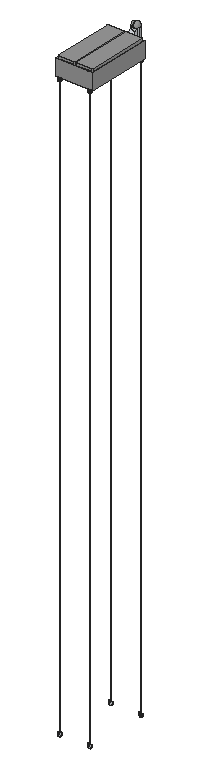
Revit family "62159", category Lighting Fixtures, host Face, Revit 2018
Family settings
  Host = Face
  Round Connector Dimension = Use Diameter
  Part Type = Normal
  OmniClass Number = 23.80.70.00
  OmniClass Title = Lighting
  Cut with Voids When Loaded = No
  Light Source = Yes
  Shared = No
  Room Calculation Point = No
Parameters (values of type "0062159 KUBIXX 4000K 9KLM WIDE SSA N")
  Weight = "n/a"
  Wattage Comments = ""
  Wattage = 9.2903 W
  WarrantyStartDate [instance] = "n/a"
  WarrantyGuarantorParts = "n/a"
  WarrantyDurationUnit = "n/a"
  WarrantyDurationParts = ""
  WarrantyDescription = "http://www.sylvania-lighting.com"
  built-in parameter 1150110 = 1 (stored number, unit not read)
  Voltage = 0 V
  URL = "0"
  TypeName = "KubiXx 4000K 9KLM WIDE SSA N"
  Type Image = <None>
  Type Comments = "n/a"
  built-in parameter 1114217 = 1 (stored number, unit not read)
  Total Length = 411.857 mm
  Tilt Angle = -90.00°
  built-in parameter 1150109 = 1 (stored number, unit not read)
  built-in parameter 1150134 = 3
  Suspension height = 3000 mm
  built-in parameter 1150113 = 1 (stored number, unit not read)
  SerialNumber [instance] = "n/a"
  Photometric Web File = "0062159.IES"
  Material_3_SYL = none
  PowerFactor = 0
  PowerConsumption = "Lighting"
  NominalLength = 190 mm
  NominalHeight = 94 mm
  NominalDepth = 330 mm
  Name = "KubiXx 4000K 9KLM WIDE SSA N"
  ModelReference = Name  # "KubiXx 4000K 9KLM WIDE SSA N"
  ModelNumber = "0062159"
  Model = Name  # "KubiXx 4000K 9KLM WIDE SSA N"
  Material = "Feilo Sylvania"
  ManufacturerName = "172 lm/W"
  Manufacturer = ""
  LuminousEfficacy = ""
  built-in parameter 1150105 = 109.82 (stored number, unit not read)
  Lumens = 1380 lm
  LuminaireType = "0"
  built-in parameter 1150115 = 1 (stored number, unit not read)
  LightOutputRatio = "LED"
  built-in parameter 1150137 = (empty or 0)
  built-in parameter 1150139 = (empty or 0)
  LampsType = Lamp  # "n/a"
  LampNominalLuminous = "4000 K"
  LampMacAdamStep = "80"
  LampColourTemperature = "LED"
  LampColourRenderingIndex = "16500"
  built-in parameter 1150112 = 1 (stored number, unit not read)
  built-in parameter 1150114 = 1 (stored number, unit not read)
  Lamp = "n/a"
  Keynote = "n/a"
  InstallationDate [instance] = "n/a"
  InputVoltage = "0"
  InputNominalFrequency = "4000"
  built-in parameter 1150132 = (empty or 0)
  built-in parameter 1150102 = (empty or 0)
  built-in parameter 1150107 = 3200 (stored number, unit not read)
  built-in parameter 1150138 = (empty or 0)
  IngressProtection = "IfcLightFixtureType"
  ImpactProtectionIndex = "IfcLightFixtureType"
  built-in parameter 1150106 = 1.0982 (stored number, unit not read)
  IfcExportType = "IfcLightFixtureType"
  IfcExportAs = "Class I"
  Emit from Circle Diameter = 609.6 mm
  Emit Shape Visible in Rendering = no
  ElectricShockClassification = "172"
  built-in parameter 1150104 = 13.8 (stored number, unit not read)
  DocumentationLiterature = "http://www.sylvania-lighting.com/product/en-int/products/0062159"
  DimmingControlOptions = "n/a"
  Material_2_SYL = none
  Dimming Lamp Color Temperature Shift = <None>
  Description = "Logistics and Industry high bay luminaire with wide optics to provide homogenous light distribution for open space areas. 48300lumens, 54W, 173lm/W, 4000K, CRI80, wide beam optic, SylSmart SSA dimmable, 3 step MacAdam ellipse, grey finish (RAL7012), Class 1, 220-240V, IP65, IK06."
  Default Elevation = 1219.2 mm
  CreatedOn = "07/11/2023"
  CreatedBy = "@sylvania-lighting.com"
  Cost = 0
  Color Filter = 16777215
  built-in parameter 1114216 [instance] = (empty or 0)
  ClassificationValue = "EF_70_80"
  ClassificationName = "Uniclass2015"
  Material_1_SYL = none
  BarCode [instance] = "n/a"
  built-in parameter 1114218 = 1 (stored number, unit not read)
  built-in parameter 1150133 = 10 (stored number, unit not read)
  AssetType = "Fixed"
  AssetIdentifier [instance] = "n/a"
  Assembly Code = "D5020200"
  Apparent Load = 54 VA
  Material_4_SYL = none
Reference planes
  plane 1 "Center (Front/Back)": y = 0
  plane 2: z = 0
  plane 3 "Center (Left/Right)": x = 0
  plane 4: x = -95
  plane 5: x = 95
  plane 6: y = 165
  plane 7: y = -165
  plane 8: z = 94
  plane 9: y = 160
  plane 10: y = -160
  plane 11: x = -93.6
  plane 12: x = -89.2
  plane 13: x = -2.2
  plane 14: x = 2.2
  plane 15: x = 89.2
  plane 16: x = 93.6
  plane 17: x = 77.2
  plane 18: x = -77.2
  plane 19: x = -87.2
  plane 20: x = -67.2
  plane 21: z = -18
  plane 22: y = 162
  plane 23: z = -8
  plane 24: y = -162
  plane 25: z = 3083
  plane 26: z = 3094
  plane 27: y = 163.5
  plane 28: z = 3000
  plane 29: z = 2982
  plane 30: y = -275
  plane 31: z = 3051.416
  plane 32: z = 3086.416
  plane 33: z = 3075.416
  plane 34: y = -213
  plane 35: y = -255
  plane 36: z = 3081.416
  plane 37: x = 0
  plane 38: x = -20.5
  plane 39: x = 20.5
  plane 40: z = 3071
  plane 41: y = -259
  plane 42: y = -243
  plane 43: y = -200
  plane 44: y = 246.857
Forms (mm)
  Extrusion 1, solid, material "Aluminum", detail levels medium+fine
    sketch origin (0, 0, 0) x (1, 0, 0) y (0, 1, 0)
      loop
        line (-95, 165) -> (-95, -165) -> (95, -165) -> (95, 165) -> (-95, 165)
    from 3000 to 3083
  Extrusion 2, solid, material "Acetal Resin, White", detail levels medium+fine
    sketch origin (91.4, 0, 0) x (1, 0, 0) y (0, 1, 0)
      loop
        arc (-175.6, 160) -> (-179.136, 158.536) -> (-180.6, 155) r 5
        line (-180.6, 155) -> (-180.6, -155)
        arc (-180.6, -155) -> (-179.136, -158.536) -> (-175.6, -160) r 5
        line (-175.6, -160) -> (-98.6, -160)
        arc (-98.6, -160) -> (-95.064, -158.536) -> (-93.6, -155) r 5
        line (-93.6, -155) -> (-93.6, 155)
        arc (-93.6, 155) -> (-95.064, 158.536) -> (-98.6, 160) r 5
        line (-98.6, 160) -> (-175.6, 160)
    from 3083 to 3094
  Extrusion 3, solid, material "Acetal Resin, White", detail levels medium+fine
    sketch origin (182.8, 0, 0) x (1, 0, 0) y (0, 1, 0)
      loop
        arc (-175.6, 160) -> (-179.136, 158.536) -> (-180.6, 155) r 5
        line (-180.6, 155) -> (-180.6, -155)
        arc (-180.6, -155) -> (-179.136, -158.536) -> (-175.6, -160) r 5
        line (-175.6, -160) -> (-98.6, -160)
        arc (-98.6, -160) -> (-95.064, -158.536) -> (-93.6, -155) r 5
        line (-93.6, -155) -> (-93.6, 155)
        arc (-93.6, 155) -> (-95.064, 158.536) -> (-98.6, 160) r 5
        line (-98.6, 160) -> (-175.6, 160)
    from 3083 to 3094
  Extrusion 4, solid
    sketch origin (0, 0, 0) x (1, 0, 0) y (0, 0, 1)
      loop
        line (-87.2, 0) -> (-87.2, -8)
        arc (-87.2, -8) -> (-84.271, -15.071) -> (-77.2, -18) r 10
        arc (-77.2, -18) -> (-70.129, -15.071) -> (-67.2, -8) r 10
        line (-67.2, -8) -> (-67.2, 0) -> (-87.2, 0)
    from -165 to -162
  Extrusion 5, void
    sketch origin (0, 0, 0) x (1, 0, 0) y (0, 0, 1)
      loop
        circle (-77.2, -8) r 3
    from -169.572 to 175.485
  Extrusion 6, solid
    sketch origin (154.4, 0, 0) x (1, 0, 0) y (0, 0, 1)
      loop
        line (-87.2, 0) -> (-87.2, -8)
        arc (-87.2, -8) -> (-84.271, -15.071) -> (-77.2, -18) r 10
        arc (-77.2, -18) -> (-70.129, -15.071) -> (-67.2, -8) r 10
        line (-67.2, -8) -> (-67.2, 0) -> (-87.2, 0)
    from -165 to -162
  Extrusion 7, void
    sketch origin (154.4, 0, 0) x (1, 0, 0) y (0, 0, 1)
      loop
        circle (-77.2, -8) r 3
    from -169.572 to 188.62
  Extrusion 8, solid
    sketch origin (0, 0, 0) x (1, 0, 0) y (0, 0, 1)
      loop
        line (-87.2, 0) -> (-87.2, -8)
        arc (-87.2, -8) -> (-84.271, -15.071) -> (-77.2, -18) r 10
        arc (-77.2, -18) -> (-70.129, -15.071) -> (-67.2, -8) r 10
        line (-67.2, -8) -> (-67.2, 0) -> (-87.2, 0)
    from 162 to 165
  Extrusion 9, solid
    sketch origin (153.445, 0, 0) x (1, 0, 0) y (0, 0, 1)
      loop
        line (-86.235, 0) -> (-86.235, -7.889)
        arc (-86.235, -7.889) -> (-83.306, -14.96) -> (-76.235, -17.889) r 10
        arc (-76.235, -17.889) -> (-69.163, -14.96) -> (-66.235, -7.889) r 10
        line (-66.235, -7.889) -> (-66.235, 0) -> (-86.235, 0)
    from 162 to 165
  Extrusion 10, solid, material "Aluminum", detail levels fine
    sketch origin (0, 0, 2992) x (1, 0, 0) y (0, 0, 1)
      loop
        line (-87.2, 8) -> (-87.2, 0)
        arc (-87.2, 0) -> (-84.271, -7.071) -> (-77.2, -10) r 10
        arc (-77.2, -10) -> (-70.129, -7.071) -> (-67.2, 0) r 10
        line (-67.2, 0) -> (-67.2, 8) -> (-87.2, 8)
    from -165 to -162
  Extrusion 11, void
    sketch origin (0.086, 0, 2990.692) x (1, 0, 0) y (0, 0, 1)
      loop
        circle (-77.2, 0) r 3
    from -169.572 to 175.485
  Extrusion 12, solid, material "Aluminum", detail levels fine
    sketch origin (154.4, 0, 2992) x (1, 0, 0) y (0, 0, 1)
      loop
        line (-87.2, 8) -> (-87.2, 0)
        arc (-87.2, 0) -> (-84.271, -7.071) -> (-77.2, -10) r 10
        arc (-77.2, -10) -> (-70.129, -7.071) -> (-67.2, 0) r 10
        line (-67.2, 0) -> (-67.2, 8) -> (-87.2, 8)
    from -165 to -162
  Extrusion 13, void
    sketch origin (154.475, 0, 2991.254) x (1, 0, 0) y (0, 0, 1)
      loop
        circle (-77.2, 0) r 3
    from -169.572 to 188.62
  Extrusion 14, solid, material "Aluminum", detail levels fine
    sketch origin (0, 0, 2992) x (1, 0, 0) y (0, 0, 1)
      loop
        line (-87.2, 8) -> (-87.2, 0)
        arc (-87.2, 0) -> (-84.271, -7.071) -> (-77.2, -10) r 10
        arc (-77.2, -10) -> (-70.129, -7.071) -> (-67.2, 0) r 10
        line (-67.2, 0) -> (-67.2, 8) -> (-87.2, 8)
    from 162 to 165
  Extrusion 15, solid, material "Aluminum", detail levels fine
    sketch origin (153.445, 0, 2992) x (1, 0, 0) y (0, 0, 1)
      loop
        line (-86.235, 8) -> (-86.235, 0.111)
        arc (-86.235, 0.111) -> (-83.306, -6.96) -> (-76.235, -9.889) r 10
        arc (-76.235, -9.889) -> (-69.163, -6.96) -> (-66.235, 0.111) r 10
        line (-66.235, 0.111) -> (-66.235, 8) -> (-86.235, 8)
    from 162 to 165
  Extrusion 16, solid, material "Stainless Steel"
    sketch origin (0, 0, 0) x (1, 0, 0) y (0, 1, 0)
      loop
        circle (-77.2, 163.5) r 1
    from 0 to 3000
  Extrusion 17, solid, material "Stainless Steel"
    sketch origin (154.4, 0, 0) x (1, 0, 0) y (0, 1, 0)
      loop
        circle (-77.2, 163.5) r 1
    from 0 to 3000
  Extrusion 18, solid, material "Stainless Steel"
    sketch origin (0, -327, 0) x (1, 0, 0) y (0, 1, 0)
      loop
        circle (-77.2, 163.5) r 1
    from 0 to 3000
  Extrusion 19, solid, material "Stainless Steel"
    sketch origin (154.386, -327.05, 0) x (1, 0, 0) y (0, 1, 0)
      loop
        circle (-77.2, 163.5) r 1
    from 0 to 3000
  Extrusion 20, solid, detail levels coarse
    sketch origin (0, 0, 0) x (1, 0, 0) y (0, 0, 1)
      loop
        line (-95, 3094) -> (-95, 0) -> (95, 0) -> (95, 3094) -> (-95, 3094)
    from -246.857 to 165
  Extrusion 21, solid, material "Acetal Resin, White", not visible
    sketch origin (319, 1524, 1219.2) x (0, 1, 0) y (0, 0, 1)
      loop
        line (-1689, 1833.8) -> (-1689, 1863.8) -> (-1799, 1863.8) -> (-1799, 1833.8) -> (-1689, 1833.8)
    from -339.5 to -298.5
  Revolve 22, solid, material "Acetal Resin, White", not visible
    sketch origin (-0.37, 1524, 1219.2) x (0, 1, 0) y (0, 0, 1)
      loop
        line (-1783, 1851.8) -> (-1767, 1851.8)
        arc (-1767, 1851.8) -> (-1773.505, 1859.304) -> (-1783, 1862.216) r 18.002
        line (-1783, 1862.216) -> (-1783, 1851.8)
      axis (-1783, 1862.216) -> (-1783, 1851.8)
    angle from -180 to 179.537
  Extrusion 23, solid, material "Acetal Resin, White", not visible
    sketch origin (319, 1524, 1219.2) x (0, 1, 0) y (0, 0, 1)
      loop
        line (-1689, 1833.8) -> (-1689, 1863.8) -> (-1799, 1863.8) -> (-1799, 1833.8) -> (-1689, 1833.8)
    from -339.5 to -298.5
  Extrusion 24, void, not visible
    sketch origin (0, 0, 0) x (1, 0, 0) y (0, 1, 0)
      loop
        line (-20.5, -254.5) -> (-20.5, -275) -> (0, -275)
        arc (0, -275) -> (-14.496, -268.996) -> (-20.5, -254.5) r 20.5
    from 3000 to 3132.374
  Extrusion 25, void, not visible
    sketch origin (0, 0, 0) x (1, 0, 0) y (0, 1, 0)
      loop
        arc (20.5, -254.5) -> (14.496, -268.996) -> (0, -275) r 20.5
        line (0, -275) -> (20.5, -275) -> (20.5, -254.5)
    from 3030.992 to 3095.862
  Extrusion 26, void, not visible
    sketch origin (319, 1524, 1219.2) x (0, 1, 0) y (0, 0, 1)
      loop
        line (-1724, 1863.8) -> (-1799, 1863.8) -> (-1799, 1851.8) -> (-1767, 1851.8) -> (-1724, 1863.8)
    from -390.202 to -258.5
  Revolve 27, solid, material "Acetal Resin, White", not visible
    sketch origin (-0.37, 1524, 1219.2) x (0, 1, 0) y (0, 0, 1)
      loop
        line (-1783, 1851.8) -> (-1767, 1851.8)
        arc (-1767, 1851.8) -> (-1773.505, 1859.304) -> (-1783, 1862.216) r 18.002
        line (-1783, 1862.216) -> (-1783, 1851.8)
      axis (-1783, 1862.216) -> (-1783, 1851.8)
    angle from -180 to 179.537
  Extrusion 28, solid, material "Acetal Resin, White", not visible
    sketch origin (319, 1524, 1219.2) x (0, 1, 0) y (0, 0, 1)
      loop
        line (-1689, 1833.8) -> (-1689, 1863.8) -> (-1799, 1863.8) -> (-1799, 1833.8) -> (-1689, 1833.8)
    from -339.5 to -298.5
  Extrusion 29, void, not visible
    sketch origin (0, 0, 0) x (1, 0, 0) y (0, 1, 0)
      loop
        line (-20.5, -254.5) -> (-20.5, -275) -> (0, -275)
        arc (0, -275) -> (-14.496, -268.996) -> (-20.5, -254.5) r 20.5
    from 3000 to 3132.374
  Extrusion 30, void, not visible
    sketch origin (0, 0, 0) x (1, 0, 0) y (0, 1, 0)
      loop
        arc (20.5, -254.5) -> (14.496, -268.996) -> (0, -275) r 20.5
        line (0, -275) -> (20.5, -275) -> (20.5, -254.5)
    from 3030.992 to 3095.862
  Extrusion 31, void, not visible
    sketch origin (319, 1524, 1219.2) x (0, 1, 0) y (0, 0, 1)
      loop
        line (-1724, 1863.8) -> (-1799, 1863.8) -> (-1799, 1851.8) -> (-1767, 1851.8) -> (-1724, 1863.8)
    from -390.202 to -258.5
  Revolve 32, solid, material "Acetal Resin, White", not visible
    sketch origin (-0.37, 1524, 1219.2) x (0, 1, 0) y (0, 0, 1)
      loop
        line (-1783, 1851.8) -> (-1767, 1851.8)
        arc (-1767, 1851.8) -> (-1773.505, 1859.304) -> (-1783, 1862.216) r 18.002
        line (-1783, 1862.216) -> (-1783, 1851.8)
      axis (-1783, 1862.216) -> (-1783, 1851.8)
    angle from -180 to 179.537
  Blend 33, solid
    base sketch origin (0, -0.051, 0) x (1, 0, 0) y (0, 1, 0)
      loop
        circle (0, 228) r 19
    top sketch origin (0, -0.051, 0) x (1, 0, 0) y (0, 1, 0)
      loop
        circle (0, 228) r 19
    from 3039 to 3094
  Revolve 34, solid, material "Acetal Resin, White"
    sketch origin (-0.021, 1523.949, 1219.237) x (0, 1, 0) y (0, 0, 1)
      loop
        line (-1296, 1874.8) -> (-1277, 1874.8)
        arc (-1277, 1874.8) -> (-1282.5, 1888.6) -> (-1296, 1894.8) r 20
        line (-1296, 1894.8) -> (-1296, 1874.8)
      axis (-1296, 1894.8) -> (-1296, 1874.8)
    angle from 179.389 to 539.028
  Extrusion 35, solid
    sketch origin (0, -0.051, 0) x (1, 0, 0) y (0, 1, 0)
      loop
        line (-13.5, 214.609) -> (-13.5, 165) -> (13.5, 165) -> (13.5, 214.609) -> (-13.5, 214.609)
    from 3039 to 3083
  Extrusion 36, void
    sketch origin (319, 1523.949, 1219.2) x (0, 1, 0) y (0, 0, 1)
      loop
        line (-1309.391, 1863.8) -> (-1359, 1863.8) -> (-1359, 1843.8) -> (-1333.226, 1843.8) -> (-1309.391, 1863.8)
    from -343.775 to -294
  Blend 37, solid, not visible
    base sketch origin (0, 0, 0) x (1, 0, 0) y (0, 1, 0)
      loop
        circle (0, 228) r 19
    top sketch origin (0, 0, 0) x (1, 0, 0) y (0, 1, 0)
      loop
        circle (0, 228) r 19
    from 3039 to 3094
  Revolve 38, solid, material "Acetal Resin, White", not visible
    sketch origin (-0.021, 1524, 1219.237) x (0, 1, 0) y (0, 0, 1)
      loop
        line (-1296, 1874.8) -> (-1277, 1874.8)
        arc (-1277, 1874.8) -> (-1282.5, 1888.6) -> (-1296, 1894.8) r 20
        line (-1296, 1894.8) -> (-1296, 1874.8)
      axis (-1296, 1894.8) -> (-1296, 1874.8)
    angle from 179.389 to 539.028
  Extrusion 39, solid, not visible
    sketch origin (0, 0, 0) x (1, 0, 0) y (0, 1, 0)
      loop
        line (-13.5, 214.609) -> (-13.5, 165) -> (13.5, 165) -> (13.5, 214.609) -> (-13.5, 214.609)
    from 3039 to 3083
  Extrusion 40, void, not visible
    sketch origin (319, 1524, 1219.2) x (0, 1, 0) y (0, 0, 1)
      loop
        line (-1309.391, 1863.8) -> (-1359, 1863.8) -> (-1359, 1843.8) -> (-1333.226, 1843.8) -> (-1309.391, 1863.8)
    from -343.775 to -294
Cuts and joins
  Extrusion 5, Extrusion 7, Extrusion 11 cuts Extrusion 4
  Extrusion 7, Extrusion 13 cuts Extrusion 6
  Extrusion 5, Extrusion 11 cuts Extrusion 8
  Extrusion 7, Extrusion 13 cuts Extrusion 9
  Extrusion 11 cuts Extrusion 10
  Extrusion 11 cuts Extrusion 14
  Extrusion 13 cuts Extrusion 12
  Extrusion 13 cuts Extrusion 15
  Extrusion 36 cuts Extrusion 35
Dimensions and locks
  "NominalLength": plane 4 to plane 5
  equal spacing: plane 4, plane 3 "Center (Left/Right)", plane 5
  "NominalDepth": plane 6 to plane 7
  equal spacing: plane 6, plane 1 "Center (Front/Back)", plane 7
  "NominalHeight": plane 8 to level
  Extrusion 3 to plane 3 "Center (Left/Right)" = 2.2 mm
  plane 3 "Center (Left/Right)" to Extrusion 2 = 89.2 mm
  "Suspension height": level to plane 28
  plane 26 to plane 25 = 11 mm
  "NominalHeight": plane 28 to plane 26
  "Total Length": plane 44 to plane 7
  aligned and locked: plane 2 to host face
  aligned and locked: level to host face
Automatic sketch dimensions
  host sketch curve to host sketch curve = 2438.4 mm  (x2)
  Extrusion 1 sketch curve to plane 4 = 0 mm
  Extrusion 1 sketch curve to plane 5 = 0 mm
  Extrusion 1 sketch curve to plane 7 = 0 mm
  Extrusion 1 sketch curve to plane 6 = 0 mm
  Extrusion 2 sketch curve to plane 12 = 0 mm
  Extrusion 2 sketch curve to plane 10 = 0 mm
  Extrusion 2 sketch curve to plane 9 = 0 mm
  Extrusion 2 sketch curve to plane 13 = 0 mm
  plane 19 to Extrusion 2 sketch curve = 3 mm  (x2)
  Extrusion 2 sketch curve to plane 9 = 5 mm
  Extrusion 2 sketch curve to plane 13 = 5 mm
  Extrusion 3 sketch curve to plane 14 = 0 mm
  Extrusion 3 sketch curve to plane 10 = 0 mm
  Extrusion 3 sketch curve to plane 9 = 0 mm
  Extrusion 3 sketch curve to plane 15 = 0 mm
  plane 14 to Extrusion 3 sketch curve = 5 mm  (x2)
  Extrusion 3 sketch curve to plane 9 = 5 mm
  Extrusion 3 sketch curve to plane 15 = 5 mm
  Extrusion 4 sketch curve to Extrusion 4 sketch curve = 0 mm  (x2)
  Extrusion 4 sketch curve to plane 19 = 0 mm
  Extrusion 4 sketch curve to plane 18 = 0 mm
  Extrusion 4 sketch curve to plane 21 = 0 mm
  Extrusion 4 sketch curve to level = 0 mm
  Extrusion 5 sketch curve to plane 18 = 0 mm
  Extrusion 5 sketch curve to plane 23 = 0 mm
  Extrusion 6 sketch curve to Extrusion 6 sketch curve = 0 mm  (x2)
  Extrusion 6 sketch curve to plane 23 = 0 mm
  Extrusion 6 sketch curve to level = 0 mm
  Extrusion 6 sketch curve to plane 17 = 0 mm
  Extrusion 6 sketch curve to plane 21 = 0 mm
  Extrusion 7 sketch curve to plane 17 = 0 mm
  Extrusion 7 sketch curve to plane 23 = 0 mm
  Extrusion 8 sketch curve to Extrusion 8 sketch curve = 0 mm  (x2)
  Extrusion 8 sketch curve to plane 19 = 0 mm
  Extrusion 8 sketch curve to plane 18 = 0 mm
  Extrusion 8 sketch curve to plane 21 = 0 mm
  Extrusion 8 sketch curve to level = 0 mm
  Extrusion 9 sketch curve to Extrusion 9 sketch curve = 0 mm  (x2)
  Extrusion 9 sketch curve to level = 0 mm
  plane 23 to Extrusion 9 sketch curve = 0.111 mm
  Extrusion 9 sketch curve to plane 17 = 9.989 mm
  plane 17 to Extrusion 9 sketch curve = 0.011 mm
  Extrusion 10 sketch curve to plane 19 = 0 mm
  Extrusion 10 sketch curve to plane 18 = 0 mm
  plane 18 to Extrusion 11 sketch curve = 0.086 mm
  Extrusion 12 sketch curve to Extrusion 12 sketch curve = 0 mm  (x2)
  Extrusion 12 sketch curve to plane 17 = 0 mm
  plane 17 to Extrusion 13 sketch curve = 0.075 mm
  Extrusion 14 sketch curve to plane 19 = 0 mm
  Extrusion 14 sketch curve to plane 18 = 0 mm
  Extrusion 15 sketch curve to Extrusion 15 sketch curve = 0 mm  (x2)
  Extrusion 15 sketch curve to plane 17 = 9.989 mm
  plane 17 to Extrusion 15 sketch curve = 0.011 mm
  Extrusion 16 sketch curve to plane 18 = 0 mm
  Extrusion 16 sketch curve to plane 27 = 0 mm
  Extrusion 17 sketch curve to plane 17 = 0 mm
  plane 27 to Extrusion 17 sketch curve = 0 mm
  Extrusion 18 sketch curve to plane 18 = 0 mm
  plane 7 to Extrusion 18 sketch curve = 1.5 mm
  plane 1 "Center (Front/Back)" to Extrusion 19 sketch curve = 163.55 mm
  plane 18 to Extrusion 19 sketch curve = 154.386 mm
  Extrusion 10 sketch curve to Extrusion 10 sketch curve = 0 mm  (x2)
  Extrusion 12 sketch curve to plane 17 = 10 mm
  Extrusion 14 sketch curve to Extrusion 14 sketch curve = 0 mm  (x2)
  Extrusion 20 sketch curve to level = 0 mm
  Extrusion 20 sketch curve to plane 4 = 0 mm
  Extrusion 20 sketch curve to plane 5 = 0 mm
  plane 25 to Extrusion 20 sketch curve = 11 mm
  Extrusion 10 sketch curve to plane 28 = 0 mm
  Extrusion 12 sketch curve to plane 28 = 0 mm
  Extrusion 14 sketch curve to plane 28 = 0 mm
  Extrusion 15 sketch curve to plane 28 = 0 mm
  Extrusion 10 sketch curve to plane 29 = 0 mm
  plane 29 to Extrusion 11 sketch curve = 8.692 mm
  Extrusion 12 sketch curve to plane 29 = 0 mm
  Extrusion 13 sketch curve to plane 28 = 8.746 mm
  Extrusion 14 sketch curve to plane 29 = 0 mm
  Extrusion 15 sketch curve to plane 28 = 7.889 mm
  Revolve 22 sketch curve to Revolve 22 sketch curve = 2.581 mm
  Extrusion 21 sketch curve to Extrusion 21 sketch curve = 110 mm
  Extrusion 21 sketch curve to Extrusion 21 sketch curve = 30 mm
  Revolve 22 sketch curve to Revolve 22 sketch curve = 0.327 mm
  Revolve 22 sketch curve to Revolve 22 sketch curve = 16 mm
  Revolve 22 sketch curve to Revolve 22 sketch curve = 7.582 mm
  Revolve 22 sketch curve to Revolve 22 sketch curve = 0 mm
  Revolve 22 sketch curve to Revolve 22 sketch curve = 3.524 mm
  Revolve 27 sketch curve to Revolve 27 sketch curve = 2.581 mm
  Extrusion 23 sketch curve to Extrusion 23 sketch curve = 110 mm
  Extrusion 23 sketch curve to Extrusion 23 sketch curve = 30 mm
  Revolve 27 sketch curve to Revolve 27 sketch curve = 0.327 mm
  Revolve 27 sketch curve to Revolve 27 sketch curve = 16 mm
  Revolve 27 sketch curve to Revolve 27 sketch curve = 7.582 mm
  Revolve 27 sketch curve to Revolve 27 sketch curve = 0 mm
  Revolve 27 sketch curve to Revolve 27 sketch curve = 3.524 mm
  Extrusion 24 sketch curve to Extrusion 24 sketch curve = 20.5 mm
  Extrusion 25 sketch curve to Extrusion 25 sketch curve = 20.5 mm
  Extrusion 26 sketch curve to Extrusion 26 sketch curve = 32 mm
  Extrusion 26 sketch curve to Extrusion 26 sketch curve = 43 mm
  Extrusion 26 sketch curve to Extrusion 26 sketch curve = 12 mm
  Revolve 32 sketch curve to Revolve 32 sketch curve = 2.581 mm
  Extrusion 28 sketch curve to Extrusion 28 sketch curve = 110 mm
  Extrusion 28 sketch curve to Extrusion 28 sketch curve = 30 mm
  Revolve 32 sketch curve to Revolve 32 sketch curve = 0.327 mm
  Revolve 32 sketch curve to Revolve 32 sketch curve = 16 mm
  Revolve 32 sketch curve to Revolve 32 sketch curve = 7.582 mm
  Revolve 32 sketch curve to Revolve 32 sketch curve = 0 mm
  Revolve 32 sketch curve to Revolve 32 sketch curve = 3.524 mm
  Extrusion 29 sketch curve to Extrusion 29 sketch curve = 20.5 mm
  Extrusion 30 sketch curve to Extrusion 30 sketch curve = 20.5 mm
  Extrusion 31 sketch curve to Extrusion 31 sketch curve = 32 mm
  Extrusion 31 sketch curve to Extrusion 31 sketch curve = 43 mm
  Extrusion 31 sketch curve to Extrusion 31 sketch curve = 12 mm
  Revolve 34 sketch curve to Revolve 34 sketch curve = 1 mm
  Revolve 34 sketch curve to Revolve 34 sketch curve = 19 mm
  Revolve 34 sketch curve to Revolve 34 sketch curve = 0.025 mm
  Revolve 34 sketch curve to Revolve 34 sketch curve = 0 mm
  Revolve 34 sketch curve to Revolve 34 sketch curve = 8.022 mm
  Revolve 34 sketch curve to Revolve 34 sketch curve = 11.978 mm
  Extrusion 35 sketch curve to Extrusion 35 sketch curve = 27 mm
  Extrusion 35 sketch curve to Extrusion 35 sketch curve = 49.609 mm
  Extrusion 36 sketch curve to Extrusion 36 sketch curve = 25.774 mm
  Extrusion 36 sketch curve to Extrusion 36 sketch curve = 23.835 mm
  Extrusion 36 sketch curve to Extrusion 36 sketch curve = 20 mm
  Revolve 38 sketch curve to Revolve 38 sketch curve = 1 mm
  Revolve 38 sketch curve to Revolve 38 sketch curve = 19 mm
  Revolve 38 sketch curve to Revolve 38 sketch curve = 0.025 mm
  Revolve 38 sketch curve to Revolve 38 sketch curve = 0 mm
  Revolve 38 sketch curve to Revolve 38 sketch curve = 8.022 mm
  Revolve 38 sketch curve to Revolve 38 sketch curve = 11.978 mm
  Extrusion 39 sketch curve to Extrusion 39 sketch curve = 27 mm
  Extrusion 39 sketch curve to Extrusion 39 sketch curve = 49.609 mm
  Extrusion 40 sketch curve to Extrusion 40 sketch curve = 25.774 mm
  Extrusion 40 sketch curve to Extrusion 40 sketch curve = 23.835 mm
  Extrusion 40 sketch curve to Extrusion 40 sketch curve = 20 mm
  Blend 33 sketch curve to plane 3 "Center (Left/Right)" = 0 mm  (x2)
  Blend 33 sketch curve to plane 44 = 18.908 mm  (x2)
  plane 26 to Revolve 34 sketch curve = 0.062 mm
  Revolve 34 sketch curve to plane 44 = 19.908 mm
  Extrusion 35 sketch curve to plane 6 = 0.051 mm
  plane 38 to Extrusion 35 sketch curve = 7 mm
  Extrusion 36 sketch curve to plane 25 = 0 mm
  Extrusion 36 sketch curve to plane 6 = 0.051 mm
  radius of Extrusion 5 sketch curve = 3 mm
  radius of Extrusion 7 sketch curve = 3 mm
  radius of Extrusion 11 sketch curve = 3 mm
  radius of Extrusion 13 sketch curve = 3 mm
  radius of Extrusion 16 sketch curve = 1 mm
  radius of Extrusion 17 sketch curve = 1 mm
  radius of Extrusion 18 sketch curve = 1 mm
  radius of Extrusion 19 sketch curve = 1 mm
  radius of Blend 33 sketch curve = 19 mm  (x2)
  radius of Blend 37 sketch curve = 19 mm  (x2)
Connectors
  electrical at (0, 0, 3000)
    settings: on Extrusion 1, index 1, voltage 0 V, apparent load 0 VA, apparent load phase1 0 VA, apparent load phase2 0 VA, apparent load phase3 0 VA, power factor 1, load classification "Other", number of poles 1, system type 31, power factor state 1, is connector primary yes, connector utility no, sub classification motor no, connector description ""
